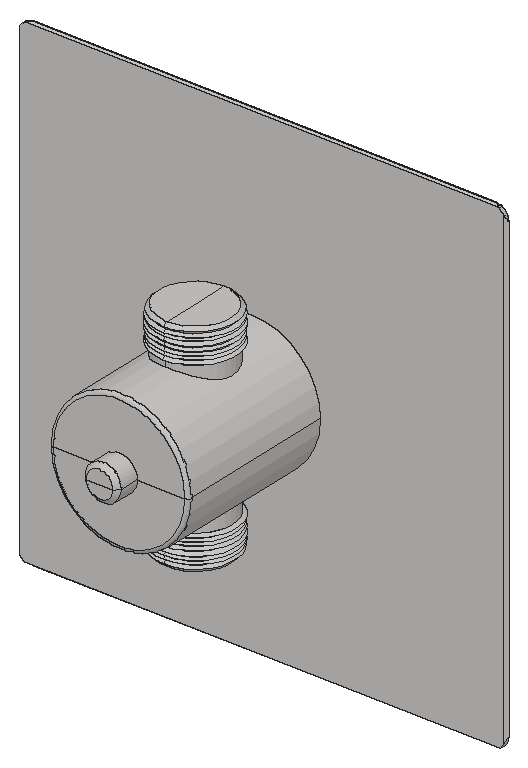
Revit family
Parameters (values of type "Type 1")
  WarrantyDurationUnit = "10 years"
  WarrantyDescription = "Any manufacturing defect"
  Version = "v1"
  URL = "http://www.delabie.com"
  Type Comments = "Exposed time flow valve"
  SerialNumber = "3456330009737"
  Radius = 13 mm
  ProductInformation = "http://www.delabie.com/products/779427"
  Operation = "Time flow valve"
  NominalWidth = 160 mm
  NominalLength = 160 mm
  Name = "TEMPOSTOP"
  ModelNumber = "779427"
  Model = "TEMPOSTOP"
  Material = Solid brass ans stainless steel
  ManufacturerURL = "http://www.delabie.com"
  ManufacturerName = "DELABIE"
  Manufacturer = "DELABIE"
  IntegralAccessoryOptions = "Floor trap, siphon"
  FlowRate lps = "0.25 lps at 3 bar"
  FlowRate lpm = "15 lpm at 3 bar"
  Features  = "Exposed time flow urinal valve:\r\nFor standard or siphon action urinals.\r\nStainless steel cover plate 160 x 160mm.\r\nRecessing depth can be adjusted from 25 to 45mm.\r\nTime flow ~7 sec.\r\nFlow rate pre-set at 0.25 l/sec. at 3 bar, can be adjusted.\r\nSolid brass body F½\"."
  Description = "French manufacturer Delabie is a leader in the European sanitary ware market for non-domestic places. Water controls, solutions for disabled people, sanitary ware, for schools, leisure centres, offices, hospitals, airports…"
  Category = "Urinal valve"
  Assembly Code = ""
Reference planes
  plane 1: y = 0
  plane 2 "Center (Left/Right)": x = 125
  plane 3 "Back": y = 75
Text (mm)
  text "Placement side" at (-1787.139, 592.35, 0), in view "Ref. Level"
  text "Placement side" at (0, 1827.695, 2917.686), in view "Left"
  text "Placement side" at (0, 562.268, 3853.606), in view "Right"
Dimensions and locks
  locked: plane 3 "Back" to host wall at 0
  aligned and locked: host wall to plane 1
Nested families
  nested 1: "779427b" at (125, 75, 1093.44) x (0, 0, 1) z (0, 1, 0), type "779427"
Connectors
  piping at (125, 47.583, 1129.44), driven by "Radius"
    settings: on nested 1, index 1, connector radius 13 mm, flow factor 0, pipe flow 0.0 L/s, pressure drop 0.0 Pa, fitting loss kfactor 0, connector angle 0.00°, fixture units 0, flow configuration 0, flow direction 1, fitting loss method 0, system type 20, connector reference index -1, connector utility 0, adjustable connector no, is connector primary yes, fitting loss table "", connector description "In - Cold water"
Definition of nested family "779427b"
  Parameters (values of type "779427")
    Radius = 15 mm
    Default Elevation = 1000 mm
    Description = "Robinet temporisé encastré :  Pour urinoir ordinaire ou siphonique.   Plaque Inox satiné 160 x 160 mm.   Profondeur d’encastrement réglable de 25 à 45 mm.   Temporisation ~7 sec.   Débit préréglé à 0,25 l/sec ajustable.   Corps en laiton massif F1/2\".   Ces modèles de robinetteries n’étant pas équipés de boîtier d’encastrement étanche, l’installateur devra prévoir l’étanchéité de la niche d’encastrement ainsi que    l’évacuation des éventuels fuites et condensats (cf. notice d’installation)."
    Keynote = "Robinet temporisé"
    Model = "TEMPOSTOP"
    Manufacturer = "DELABIE"
    URL = "http://www.delabie.fr/"
    Technologie = "Temporisée"
    Raccordement = "F1/2\""
    Profondeur = "25-45 mm"
    Finition = Laiton et Inox satiné
    Lien notice d'installation = "http://www.delabie.fr/produits/779427"
    Lien fiche produit = "http://www.delabie.fr/produits/779427"
    Lien certification = "http://www.delabie.fr/produits/779427"
    Lien CCTP = "http://www.delabie.fr/produits/779427"
    Largeur = "160 mm"
    Hauteur = "160 mm"
    Features = "Exposed time flow urinal valve:\r\nFor standard or siphon action urinals.\r\nStainless steel cover plate 160 x 160mm.\r\nRecessing depth can be adjusted from 25 to 45mm.\r\nTime flow ~7 sec.\r\nFlow rate pre-set at 0.25 l/sec., can be adjusted.\r\nSolid brass body F½\"."
    Famille de produits = "Urinoir"
    Débit = "0,25 l/sec"
    COBie_WarrantyDurationUnit = "10 years"
    COBie_WarrantyDescription = "Any manufacturing defect"
    COBie_Version = "v1"
    COBie_SerialNumber = "3456330009737"
    COBie_ProductInformation = "http://www.delabie.com/products/779427"
    COBie_Operation = "Time flow valve"
    COBie_NominalWidth = "16cm"
    COBie_NominalLength = "16cm"
    COBie_Name = "TEMPOSTOP"
    COBie_ModelNumber = "779427"
    COBie_Material = "Solid brass and stainless steel"
    COBie_ManufacturerURL = "http://www.delabie.com"
    COBie_ManufacturerName = "DELABIE"
    COBie_IntegralAccessoryOptions = "Floor trap, siphon"
    COBie_FlowRate = "0.25 l/sec"
    COBie_Description = "Exposed time flow valve"
    COBie_Category = "Urinal valve"
    Assembly Code = ""
  Reference planes
    plane 1 "Center (Front/Back)": y = 0
    plane 2: z = 0
    plane 3 "Center (Left/Right)": x = 0
  Forms (mm)
    Extrusion 1, solid
      sketch origin (0, 0, 0) x (1, 0, 0) y (0, 1, 0)
        loop
          line (-1219.2, 1219.2) -> (-1219.2, -1219.2) -> (1219.2, -1219.2) -> (1219.2, 1219.2) -> (-1219.2, 1219.2)
      from 0 to -304.8
  Dimensions and locks
    locked: nested 1 to level
    aligned and locked: plane 2 to Extrusion 1
    aligned and locked: level to Extrusion 1
  Nested families
    nested 1: "779427b" at (0, 0, 0) x (-1, 0, 0) z (0, 0, 1), type "779427"
  Definition of nested family "779427b"
    Parameters (values of type "779427")
      URL = ""
      Type Comments = ""
      Technologie = ""
      Radius = 30 mm
      Raccordement = ""
      Profondeur = ""
      Model = ""
      Material 4 = none
      Material 3 = none
      Material 2 = none
      Material 1 = Laiton et Inox satiné
      Manufacturer = ""
      Lien notice d'installation = ""
      Lien fiche produit = ""
      Lien certification = ""
      Lien CCTP = ""
      Largeur = ""
      Hauteur = ""
      Finition = ""
      Famille de produits = ""
      Débit = ""
      Butée de température = ""
      Assembly Code = ""
      Alimentation = ""
    Reference planes
      plane 1 "Center (Front/Back)": y = 0
      plane 2: z = 0
      plane 3 "Center (Left/Right)": x = 0
      plane 4: x = -80
      plane 5: x = -79.4
    Forms (mm)
      SweptBlend 1, solid, material "Laiton et Inox satiné" <- "Material 1"
        path origin (0, 0, 0) x (1, 0, 0) y (0, 0, 1)
          loop
            line (87.512, 3.483) -> (87.512, 1.023)
        profile origin (87.512, 0, 3.483) x (0, -1, 0) y (1, 0, 0)
          loop
            line (-75.604, -14.272) -> (-75.604, -160.753)
            arc (-75.604, -160.753) -> (-74.877, -162.507) -> (-73.122, -163.234) r 2.482
            line (-73.122, -163.234) -> (73.122, -163.234)
            arc (73.122, -163.234) -> (74.877, -162.507) -> (75.604, -160.753) r 2.482
            line (75.604, -160.753) -> (75.604, -14.272)
            arc (75.604, -14.272) -> (74.877, -12.517) -> (73.122, -11.791) r 2.482
            line (73.122, -11.791) -> (-73.122, -11.791)
            arc (-73.122, -11.791) -> (-74.877, -12.517) -> (-75.604, -14.272) r 2.482
        end profile origin (87.512, 0, 1.023) x (0, -1, 0) y (1, 0, 0)
          loop
            arc (-80, -163.234) -> (-78.747, -166.259) -> (-75.722, -167.512) r 4.278
            line (-75.722, -167.512) -> (75.722, -167.512)
            arc (75.722, -167.512) -> (78.747, -166.259) -> (80, -163.234) r 4.278
            line (80, -163.234) -> (80, -11.791)
            arc (80, -11.791) -> (78.747, -8.766) -> (75.722, -7.512) r 4.278
            line (75.722, -7.512) -> (-75.722, -7.512)
            arc (-75.722, -7.512) -> (-78.747, -8.766) -> (-80, -11.791) r 4.278
            line (-80, -11.791) -> (-80, -163.234)
      SweptBlend 2, solid, material "Laiton et Inox satiné" <- "Material 1"
        path origin (0, 0, 0) x (1, 0, 0) y (0, 0, 1)
          loop
            line (83.122, 1.023) -> (83.122, 0)
        profile origin (83.122, 0, 1.023) x (0, -1, 0) y (1, 0, 0)
          loop
            line (80, -158.844) -> (80, -7.4)
            arc (80, -7.4) -> (78.747, -4.375) -> (75.722, -3.122) r 4.278
            line (75.722, -3.122) -> (-75.722, -3.122)
            arc (-75.722, -3.122) -> (-78.747, -4.375) -> (-80, -7.4) r 4.278
            line (-80, -7.4) -> (-80, -158.844)
            arc (-80, -158.844) -> (-78.747, -161.869) -> (-75.722, -163.122) r 4.278
            line (-75.722, -163.122) -> (75.722, -163.122)
            arc (75.722, -163.122) -> (78.747, -161.869) -> (80, -158.844) r 4.278
        end profile origin (83.122, 0, 0) x (0, -1, 0) y (1, 0, 0)
          loop
            arc (-79.41, -161.012) -> (-78.753, -161.865) -> (-77.9, -162.522) r 4.183
            line (-77.9, -162.522) -> (77.9, -162.522)
            arc (77.9, -162.522) -> (78.753, -161.865) -> (79.41, -161.012) r 4.183
            line (79.41, -161.012) -> (79.41, -5.231)
            arc (79.41, -5.231) -> (78.753, -4.378) -> (77.9, -3.722) r 4.183
            line (77.9, -3.722) -> (-77.9, -3.722)
            arc (-77.9, -3.722) -> (-78.753, -4.378) -> (-79.41, -5.231) r 4.183
            line (-79.41, -5.231) -> (-79.41, -161.012)
      Revolve 3, solid, material "Laiton et Inox satiné" <- "Material 1"
        sketch origin (0, 0, 0) x (0, 1, 0) y (0, 0, 1)
          loop
            line (0, 37.483) -> (-9.92, 37.483)
            arc (-9.92, 37.483) -> (-11.335, 36.898) -> (-11.92, 35.483) r 2
            line (-11.92, 35.483) -> (-11.92, 21.883) -> (-16.021, 21.883) -> (-16.021, -2.117) -> (-18.275, -2.117)
            arc (-18.275, -2.117) -> (-19.336, -2.556) -> (-19.775, -3.617) r 1.5
            line (-19.775, -3.617) -> (-19.775, -4.594) -> (-22.75, -4.594) -> (-22.75, -57.476)
            arc (-22.75, -57.476) -> (-22.416, -58.283) -> (-21.61, -58.617) r 1.14
            line (-21.61, -58.617) -> (-5.9, -58.617) -> (-5.9, -65.117) -> (-4.4, -66.617) -> (0, -66.617) -> (0, 37.483)
          axis (0, 37.483) -> (0, -66.617)
        angle from 0 to 360
      Revolve 4, solid, material "Laiton et Inox satiné" <- "Material 1"
        sketch origin (0, 0, 0) x (1, 0, 0) y (0, 0, 1)
          loop
            line (-36, -27.417) -> (36, -27.417) -> (36, -15.617) -> (34.928, -14.545) -> (34.005, -15.468) -> (33.329, -14.297) -> (32.761, -15.281) -> (32.286, -14.458) -> (31.675, -15.517) -> (30.906, -14.186) -> (29.947, -15.371) -> (29.337, -14.315) -> (28.5, -15.349) -> (27.914, -14.334) -> (27.341, -15.328) -> (26.769, -14.337) -> (26.132, -15.44) -> (25.401, -14.173) -> (24.697, -15.392) -> (-24.697, -15.392) -> (-25.401, -14.173) -> (-26.132, -15.44) -> (-26.769, -14.337) -> (-27.341, -15.328) -> (-27.914, -14.334) -> (-28.5, -15.349) -> (-29.337, -14.315) -> (-29.947, -15.371) -> (-30.906, -14.186) -> (-31.675, -15.517) -> (-32.286, -14.458) -> (-32.761, -15.281) -> (-33.329, -14.297) -> (-34.005, -15.468) -> (-34.928, -14.545) -> (-36, -15.617) -> (-36, -27.417)
          axis (36, -27.417) -> (-36, -27.417)
        angle from 0 to 360
      Extrusion 5, void
        sketch origin (0, 0, 21.883) x (0, -1, 0) y (-1, 0, 0)
          loop
            line (18.934, 5.757) -> (15.147, 5.757) -> (15.147, -5.965) -> (18.934, -5.965) -> (18.934, 5.757)
        from 0 to 8.041
    Cuts and joins
      Extrusion 5 cuts SweptBlend 1
      Extrusion 5 cuts SweptBlend 2
      Extrusion 5 cuts Revolve 3
